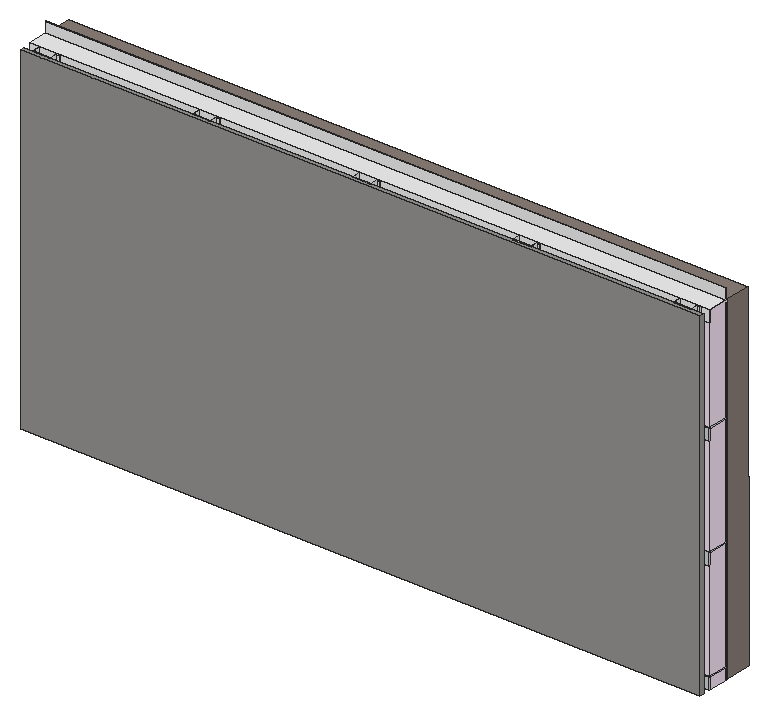
Revit family "Acrytec Panel - Slate", category Generic Models, Revit 2016
Family settings
  Part Type = Normal
  Can host rebar = No
  Round Connector Dimension = Use Diameter
  Work Plane-Based = No
  Always vertical = Yes
  Cut with Voids When Loaded = No
  Shared = No
  Room Calculation Point = No
Parameters (values of type "Acrytec Panel - Slate")
  panelHeight [instance] = 1220 mm
  Uninsulated Panel Type = not(Insulated Panel Type)  # no
  Insulated Panel Type = yes
  Vertical Girt Spacing [instance] = if(and(PanelWidth > 1799 mm, PanelWidth < 2301 mm), 1, (PanelWidth / 2) / 575 mm) + 1  # 3
  Savannah = no
  Sandstone = no
  Pearl Grey = no
  Jade = no
  Coal = no
  Clay = no
  PanelWidth [instance] = 2440 mm
  PanelZGirt [instance] = 75 mm
  PanelThickness [instance] = PanelFinish + PanelZGirt + PanelHatSection  # 115.422 mm
  PanelHatSection [instance] = 25.383 mm
  PanelFinish [instance] = 15.04 mm
  Panel-A-CL-Offset = 382.729 mm
  Buff = no
  Buck Hide = no
  Antique White = yes
  Horizontal Girt Spacing [instance] = panelHeight / 400 mm  # 3
  Horizontal Girt Length [instance] = PanelWidth  # 2440 mm
Reference planes
  plane 1 "Center (Front/Back)": y = 0
  plane 2: z = 0
  plane 3 "Center (Left/Right)": x = 0
  plane 4: y = -75
  plane 5: y = -115.422
  plane 6: z = 1220
  plane 7: y = -100.383
  plane 8: x = -1220
  plane 9: x = 1220
Forms (mm)
  Extrusion 1, solid, material "2016-31-moisture Membrane", visible <- "Insulated Panel Type"
    sketch origin (0, 0, 0) x (1, 0, 0) y (0, 0, 1)
      loop
        line (-1220, 0) -> (1220, 0) -> (1220, 1220) -> (-1220, 1220) -> (-1220, 0)
    from -1 to 0
  Extrusion 2, solid, material "2016-31-Standard Brick", visible <- "Insulated Panel Type"
    sketch origin (0, 0, 0) x (1, 0, 0) y (0, 0, 1)
      loop
        line (-1220, 0) -> (1220, 0) -> (1220, 1220) -> (-1220, 1220) -> (-1220, 0)
    from -100 to -1
  Extrusion 3, solid, material "00 - Slate_Antique White", visible <- "Antique White"
    sketch origin (0, 0, 0) x (1, 0, 0) y (0, 0, 1)
      loop
        line (1220, 0) -> (1220, 1220) -> (-1220, 1220) -> (-1220, 0) -> (1220, 0)
    from 100.383 to 115.422
  Extrusion 4, solid, material "00 - Slate_Buck Hide", visible <- "Buck Hide"
    sketch origin (0, 0, 0) x (1, 0, 0) y (0, 0, 1)
      loop
        line (1220, 0) -> (1220, 1220) -> (-1220, 1220) -> (-1220, 0) -> (1220, 0)
    from 100.383 to 115.422
  Extrusion 5, solid, material "00 - Slate_Buff", visible <- "Buff"
    sketch origin (0, 0, 0) x (1, 0, 0) y (0, 0, 1)
      loop
        line (1220, 0) -> (1220, 1220) -> (-1220, 1220) -> (-1220, 0) -> (1220, 0)
    from 100.383 to 115.422
  Extrusion 6, solid, material "00 - Slate_Clay", visible <- "Clay"
    sketch origin (0, 0, 0) x (1, 0, 0) y (0, 0, 1)
      loop
        line (1220, 0) -> (1220, 1220) -> (-1220, 1220) -> (-1220, 0) -> (1220, 0)
    from 100.383 to 115.422
  Extrusion 7, solid, material "00 - Slate_Coal", visible <- "Coal"
    sketch origin (0, 0, 0) x (1, 0, 0) y (0, 0, 1)
      loop
        line (1220, 0) -> (1220, 1220) -> (-1220, 1220) -> (-1220, 0) -> (1220, 0)
    from 100.383 to 115.422
  Extrusion 8, solid, material "00 - Slate_Jade", not visible
    sketch origin (0, 0, 0) x (1, 0, 0) y (0, 0, 1)
      loop
        line (1220, 0) -> (1220, 1220) -> (-1220, 1220) -> (-1220, 0) -> (1220, 0)
    from 100.383 to 115.422
  Extrusion 9, solid, material "00 - Slate_ Pearl Grey", visible <- "Pearl Grey"
    sketch origin (0, 0, 0) x (1, 0, 0) y (0, 0, 1)
      loop
        line (1220, 0) -> (1220, 1220) -> (-1220, 1220) -> (-1220, 0) -> (1220, 0)
    from 100.383 to 115.422
  Extrusion 10, solid, material "00 - Slate_ Sandstone", visible <- "Sandstone"
    sketch origin (0, 0, 0) x (1, 0, 0) y (0, 0, 1)
      loop
        line (1220, 0) -> (1220, 1220) -> (-1220, 1220) -> (-1220, 0) -> (1220, 0)
    from 100.383 to 115.422
  Extrusion 11, solid, material "00 - Slate_Savannah", visible <- "Savannah"
    sketch origin (0, 0, 0) x (1, 0, 0) y (0, 0, 1)
      loop
        line (1220, 0) -> (1220, 1220) -> (-1220, 1220) -> (-1220, 0) -> (1220, 0)
    from 100.383 to 115.422
  Extrusion 12, solid, material "2016-31-Galvanized-Aluminum 2014-T4", not visible
    sketch origin (0, 0, 0) x (1, 0, 0) y (0, 1, 0)
      loop
        line (-609.6, -75) -> (-609.6, -100.383) -> (-544.314, -100.383) -> (-544.314, -76) -> (-532.497, -76) -> (-532.497, -75) -> (-545.314, -75) -> (-545.314, -99.383) -> (-608.6, -99.383) -> (-608.6, -75) -> (-609.6, -75)
    from 0 to 2438.4
  Extrusion 13, solid, material "2016-31-Galvanized-Aluminum 2014-T4"
    sketch origin (571.049, 0, 0) x (1, 0, 0) y (0, 1, 0)
      loop
        line (-609.6, -75) -> (-609.6, -100.383) -> (-544.314, -100.383) -> (-544.314, -76) -> (-532.497, -76) -> (-532.497, -75) -> (-545.314, -75) -> (-545.314, -99.383) -> (-608.6, -99.383) -> (-608.6, -75) -> (-609.6, -75)
    from 0 to 1220 <- "panelHeight"
  Extrusion 14, solid, material "2016-31-Galvanized-Aluminum 2014-T4"
    sketch origin (1146.049, 0, 0) x (1, 0, 0) y (0, 1, 0)
      loop
        line (-609.6, -75) -> (-609.6, -100.383) -> (-544.314, -100.383) -> (-544.314, -76) -> (-532.497, -76) -> (-532.497, -75) -> (-545.314, -75) -> (-545.314, -99.383) -> (-608.6, -99.383) -> (-608.6, -75) -> (-609.6, -75)
    from 0 to 1220 <- "panelHeight"
  Extrusion 15, solid, material "2016-31-Galvanized-Aluminum 2014-T4"
    sketch origin (-3.951, 0, 0) x (1, 0, 0) y (0, 1, 0)
      loop
        line (-609.6, -75) -> (-609.6, -100.383) -> (-544.314, -100.383) -> (-544.314, -76) -> (-532.497, -76) -> (-532.497, -75) -> (-545.314, -75) -> (-545.314, -99.383) -> (-608.6, -99.383) -> (-608.6, -75) -> (-609.6, -75)
    from 0 to 1220 <- "panelHeight"
  Extrusion 16, solid, material "2016-31-Rigid Insulation", visible <- "Insulated Panel Type"
    sketch origin (47.064, -614.101, 42.626) x (0, 1, 0) y (-1, 0, 0)
      loop
        line (616.26, 1267.064) -> (542.259, 1267.064) -> (542.259, -1172.936) -> (616.26, -1172.936) -> (616.26, 1267.064)
    from -42.626 to 1177.374
  Extrusion 17, solid, material "2016-31-Galvanized-Aluminum 2014-T4", visible <- "Insulated Panel Type"
    sketch origin (-2162.5, 0, 785) x (0, 1, 0) y (0, 0, 1)
      loop
        line (0, 475) -> (-2.875, 475) -> (-2.875, 437.626) -> (-74.375, 437.626) -> (-74.375, 395) -> (-71.842, 395) -> (-71.842, 435) -> (0, 435) -> (0, 475)
    from 3382.5 to 942.5
  Extrusion 18, solid, material "2016-31-Galvanized-Aluminum 2014-T4", visible <- "Uninsulated Panel Type"
    sketch origin (0, 0, 20) x (0, 1, 0) y (0, 0, 1)
      loop
        line (-99.383, 1180) -> (-96.849, 1180) -> (-96.849, 1200) -> (-74.375, 1200) -> (-74.375, 1222.626) -> (-76.975, 1222.626) -> (-76.975, 1202.626) -> (-99.383, 1202.626) -> (-99.383, 1180)
    from -1220 to 1220
  Extrusion 19, solid, material "2016-31-moisture Membrane", visible <- "Uninsulated Panel Type"
    sketch origin (0, -74.375, 0) x (1, 0, 0) y (0, 0, 1)
      loop
        line (-1220, 0) -> (1220, 0) -> (1220, 1220) -> (-1220, 1220) -> (-1220, 0)
    from -1 to 0
  Extrusion 20, solid, material "2016-31-Standard Brick", visible <- "Uninsulated Panel Type"
    sketch origin (0, -74.375, 0) x (1, 0, 0) y (0, 0, 1)
      loop
        line (-1220, 0) -> (1220, 0) -> (1220, 1220) -> (-1220, 1220) -> (-1220, 0)
    from -100 to -1
  Extrusion 21, solid, material "2016-31-Galvanized-Aluminum 2014-T4"
    sketch origin (1721.049, 0, 0) x (1, 0, 0) y (0, 1, 0)
      loop
        line (-609.6, -75) -> (-609.6, -100.383) -> (-544.314, -100.383) -> (-544.314, -76) -> (-532.497, -76) -> (-532.497, -75) -> (-545.314, -75) -> (-545.314, -99.383) -> (-608.6, -99.383) -> (-608.6, -75) -> (-609.6, -75)
    from 0 to 1220 <- "panelHeight"
  Extrusion 22, solid, material "2016-31-Galvanized-Aluminum 2014-T4"
    sketch origin (-578.951, 0, 0) x (1, 0, 0) y (0, 1, 0)
      loop
        line (-609.6, -75) -> (-609.6, -100.383) -> (-544.314, -100.383) -> (-544.314, -76) -> (-532.497, -76) -> (-532.497, -75) -> (-545.314, -75) -> (-545.314, -99.383) -> (-608.6, -99.383) -> (-608.6, -75) -> (-609.6, -75)
    from 0 to 1220 <- "panelHeight"
Dimensions and locks
  "panelHeight": plane 6 to level
  "PanelZGirt": plane 4 to plane 1 "Center (Front/Back)"
  "PanelThickness": plane 5 to plane 1 "Center (Front/Back)"
  "PanelWidth": Extrusion 1 sketch curve to Extrusion 1 sketch curve
  Extrusion 1 sketch curve to Extrusion 1 sketch curve = 1220 mm
  Extrusion 1 sketch curve to Extrusion 1 sketch curve = 2440 mm
  "PanelWidth": Extrusion 2 sketch curve to Extrusion 2 sketch curve
  Extrusion 2 sketch curve to Extrusion 2 sketch curve = 1220 mm
  Extrusion 2 sketch curve to Extrusion 2 sketch curve = 2440 mm
  equal spacing: Extrusion 3 sketch curve, plane 3 "Center (Left/Right)", Extrusion 3 sketch curve
  "panelHeight": Extrusion 3 sketch curve to Extrusion 3 sketch curve
  "PanelWidth": Extrusion 3 sketch curve to Extrusion 3 sketch curve
  equal spacing: Extrusion 4 sketch curve, plane 3 "Center (Left/Right)", Extrusion 4 sketch curve
  "panelHeight": Extrusion 4 sketch curve to Extrusion 4 sketch curve
  "PanelWidth": Extrusion 4 sketch curve to Extrusion 4 sketch curve
  equal spacing: Extrusion 5 sketch curve, plane 3 "Center (Left/Right)", Extrusion 5 sketch curve
  "panelHeight": Extrusion 5 sketch curve to Extrusion 5 sketch curve
  "PanelWidth": Extrusion 5 sketch curve to Extrusion 5 sketch curve
  equal spacing: Extrusion 6 sketch curve, plane 3 "Center (Left/Right)", Extrusion 6 sketch curve
  "panelHeight": Extrusion 6 sketch curve to Extrusion 6 sketch curve
  "PanelWidth": Extrusion 6 sketch curve to Extrusion 6 sketch curve
  equal spacing: Extrusion 7 sketch curve, plane 3 "Center (Left/Right)", Extrusion 7 sketch curve
  "panelHeight": Extrusion 7 sketch curve to Extrusion 7 sketch curve
  "PanelWidth": Extrusion 7 sketch curve to Extrusion 7 sketch curve
  equal spacing: Extrusion 8 sketch curve, plane 3 "Center (Left/Right)", Extrusion 8 sketch curve
  "panelHeight": Extrusion 8 sketch curve to Extrusion 8 sketch curve
  "PanelWidth": Extrusion 8 sketch curve to Extrusion 8 sketch curve
  equal spacing: Extrusion 9 sketch curve, plane 3 "Center (Left/Right)", Extrusion 9 sketch curve
  "panelHeight": Extrusion 9 sketch curve to Extrusion 9 sketch curve
  "PanelWidth": Extrusion 9 sketch curve to Extrusion 9 sketch curve
  equal spacing: Extrusion 10 sketch curve, plane 3 "Center (Left/Right)", Extrusion 10 sketch curve
  "panelHeight": Extrusion 10 sketch curve to Extrusion 10 sketch curve
  "PanelWidth": Extrusion 10 sketch curve to Extrusion 10 sketch curve
  equal spacing: Extrusion 11 sketch curve, plane 3 "Center (Left/Right)", Extrusion 11 sketch curve
  "panelHeight": Extrusion 11 sketch curve to Extrusion 11 sketch curve
  "PanelWidth": Extrusion 11 sketch curve to Extrusion 11 sketch curve
  equal spacing: plane 9, plane 3 "Center (Left/Right)", plane 8
  "PanelWidth": plane 9 to plane 8
  equal spacing: group 2, group 3, group 8  (x3)
  equal spacing: group 9, group 4, group 2
  equal spacing: group 2, group 4, group 9  (x2)
  equal spacing: group 5, group 6, group 7  (x3)
  Extrusion 1 to Extrusion 16 = 1220 mm
  "PanelWidth": Extrusion 19 sketch curve to Extrusion 19 sketch curve
  Extrusion 19 sketch curve to Extrusion 19 sketch curve = 1220 mm
  Extrusion 19 sketch curve to Extrusion 19 sketch curve = 2440 mm
  "PanelWidth": Extrusion 20 sketch curve to Extrusion 20 sketch curve
  Extrusion 20 sketch curve to Extrusion 20 sketch curve = 1220 mm
  Extrusion 20 sketch curve to Extrusion 20 sketch curve = 2440 mm
  aligned and locked: Extrusion 2 to Extrusion 1
  aligned and locked: Extrusion 2 to plane 2
  aligned and locked: Extrusion 1 to plane 2
  aligned and locked: plane 2 to level
  aligned and locked: plane 6 to Extrusion 2
  aligned and locked: plane 6 to Extrusion 1
  aligned and locked: plane 3 "Center (Left/Right)" to nested 1
  aligned and locked: nested 1 to plane 1 "Center (Front/Back)"
  aligned and locked: Extrusion 16 to level
  aligned and locked: Extrusion 20 to Extrusion 19
  aligned and locked: Extrusion 20 to level
  aligned and locked: Extrusion 19 to level
  aligned and locked: plane 9 to Extrusion 18
  aligned and locked: plane 9 to Extrusion 17
  aligned and locked: Extrusion 17 to plane 8
  aligned and locked: Extrusion 18 to plane 8
  aligned and locked: plane 6 to Extrusion 16
  aligned and locked: plane 6 to Extrusion 20
  aligned and locked: Extrusion 16 to Extrusion 1
Automatic sketch dimensions
  Extrusion 12 sketch curve to Extrusion 12 sketch curve = 1 mm  (x4)
  Extrusion 12 sketch curve to Extrusion 12 sketch curve = 63.286 mm
  Extrusion 12 sketch curve to Extrusion 12 sketch curve = 11.817 mm
  Extrusion 12 sketch curve to Extrusion 12 sketch curve = 23.383 mm
  Extrusion 12 sketch curve to Extrusion 12 sketch curve = 24.383 mm
  Extrusion 13 sketch curve to Extrusion 13 sketch curve = 1 mm  (x4)
  Extrusion 13 sketch curve to Extrusion 13 sketch curve = 63.286 mm
  Extrusion 13 sketch curve to Extrusion 13 sketch curve = 11.817 mm
  Extrusion 13 sketch curve to Extrusion 13 sketch curve = 23.383 mm
  Extrusion 13 sketch curve to Extrusion 13 sketch curve = 24.383 mm
  Extrusion 14 sketch curve to Extrusion 14 sketch curve = 1 mm  (x4)
  Extrusion 14 sketch curve to Extrusion 14 sketch curve = 63.286 mm
  Extrusion 14 sketch curve to Extrusion 14 sketch curve = 11.817 mm
  Extrusion 14 sketch curve to Extrusion 14 sketch curve = 23.383 mm
  Extrusion 14 sketch curve to Extrusion 14 sketch curve = 24.383 mm
  Extrusion 15 sketch curve to Extrusion 15 sketch curve = 1 mm  (x4)
  Extrusion 15 sketch curve to Extrusion 15 sketch curve = 63.286 mm
  Extrusion 15 sketch curve to Extrusion 15 sketch curve = 11.817 mm
  Extrusion 15 sketch curve to Extrusion 15 sketch curve = 23.383 mm
  Extrusion 15 sketch curve to Extrusion 15 sketch curve = 24.383 mm
  Extrusion 16 sketch curve to plane 9 = 0 mm
  Extrusion 16 sketch curve to plane 8 = 0 mm
  plane 4 to Extrusion 16 sketch curve = 3.159 mm
  Extrusion 16 sketch curve to plane 1 "Center (Front/Back)" = 2.159 mm
  Extrusion 17 sketch curve to plane 6 = 0 mm
  Extrusion 17 sketch curve to plane 1 "Center (Front/Back)" = 0 mm
  plane 1 "Center (Front/Back)" to Extrusion 17 sketch curve = 2.875 mm
  plane 4 to Extrusion 17 sketch curve = 3.158 mm
  plane 4 to Extrusion 17 sketch curve = 0.625 mm
  Extrusion 17 sketch curve to Extrusion 17 sketch curve = 40 mm
  plane 6 to Extrusion 17 sketch curve = 2.626 mm
  Extrusion 17 sketch curve to Extrusion 17 sketch curve = 37.374 mm
  Extrusion 18 sketch curve to plane 6 = 0 mm
  plane 7 to Extrusion 18 sketch curve = 1 mm
  Extrusion 18 sketch curve to Extrusion 18 sketch curve = 2.534 mm
  Extrusion 18 sketch curve to plane 4 = 1.975 mm
  plane 4 to Extrusion 18 sketch curve = 0.625 mm
  Extrusion 18 sketch curve to plane 6 = 20 mm
  plane 6 to Extrusion 18 sketch curve = 2.626 mm
  Extrusion 18 sketch curve to Extrusion 18 sketch curve = 20 mm
  Extrusion 21 sketch curve to Extrusion 21 sketch curve = 1 mm  (x4)
  Extrusion 21 sketch curve to Extrusion 21 sketch curve = 63.286 mm
  Extrusion 21 sketch curve to Extrusion 21 sketch curve = 11.817 mm
  Extrusion 21 sketch curve to Extrusion 21 sketch curve = 23.383 mm
  Extrusion 21 sketch curve to Extrusion 21 sketch curve = 24.383 mm
  Extrusion 22 sketch curve to Extrusion 22 sketch curve = 1 mm  (x4)
  Extrusion 22 sketch curve to Extrusion 22 sketch curve = 63.286 mm
  Extrusion 22 sketch curve to Extrusion 22 sketch curve = 11.817 mm
  Extrusion 22 sketch curve to Extrusion 22 sketch curve = 23.383 mm
  Extrusion 22 sketch curve to Extrusion 22 sketch curve = 24.383 mm
  Extrusion 1 sketch curve to plane 6 = 0 mm
  Extrusion 1 sketch curve to plane 8 = 0 mm
  Extrusion 2 sketch curve to plane 6 = 0 mm
  Extrusion 2 sketch curve to plane 8 = 0 mm
  Extrusion 3 sketch curve to level = 0 mm
  Extrusion 4 sketch curve to level = 0 mm
  Extrusion 5 sketch curve to level = 0 mm
  Extrusion 6 sketch curve to level = 0 mm
  Extrusion 7 sketch curve to level = 0 mm
  Extrusion 8 sketch curve to level = 0 mm
  Extrusion 9 sketch curve to level = 0 mm
  Extrusion 10 sketch curve to level = 0 mm
  Extrusion 11 sketch curve to level = 0 mm
  Extrusion 19 sketch curve to plane 6 = 0 mm
  Extrusion 19 sketch curve to plane 8 = 0 mm
  Extrusion 20 sketch curve to plane 6 = 0 mm
  Extrusion 20 sketch curve to plane 8 = 0 mm
Nested families
  nested 1: "Horizontal Girt Nested Array" at (0, -37.5, 0), Girt Length <- "PanelWidth", visible <- "Insulated Panel Type", type "Horizontal Girt Nested Array"
    with Girt Length 2440 mm
  nested 2: "Horizontal Girt Nested Array" at (0, -37.5, 400), Girt Length <- "PanelWidth", visible <- "Insulated Panel Type", type "Horizontal Girt Nested Array"
    with Girt Length 2440 mm
  nested 3: "Horizontal Girt Nested Array" at (0, -37.5, 800), Girt Length <- "PanelWidth", visible <- "Insulated Panel Type", type "Horizontal Girt Nested Array"
    with Girt Length 2440 mm
Definition of nested family "Horizontal Girt Nested Array"
  Parameters (values of type "Horizontal Girt Nested Array")
    Girt Length [instance] = 500 mm
  Reference planes
    plane 1 "Center (Front/Back)": y = 0
    plane 2: z = 0
    plane 3 "Center (Left/Right)": x = 0
    plane 4: x = -250
    plane 5: x = 250
    plane 6: z = 3500
  Dimensions and locks
    equal spacing: plane 4, plane 3 "Center (Left/Right)", plane 5
    plane 6 to level = 3500 mm
    "Girt Length": plane 4 to plane 5
    plane 4 to plane 5 = 500 mm
    aligned and locked: level to plane 2
    aligned and locked: plane 4 to nested 1
    aligned and locked: plane 5 to nested 1
  Nested families
    nested 1: "Horizontal Girt" at (0, 0, 0), type "Horizontal Girt"
      with Girt Length 500 mm
  Definition of nested family "Horizontal Girt"
    Parameters (values of type "Horizontal Girt")
      Girt Length [instance] = 4000 mm
    Reference planes
      plane 1 "Center (Front/Back)": y = 0
      plane 2: z = 0
      plane 3 "Center (Left/Right)": x = 0
      plane 4: x = -2000
      plane 5: x = 2000
    Forms (mm)
      Extrusion 1, solid
        sketch origin (0, 0, 0) x (0, 1, 0) y (0, 0, 1)
          loop
            line (-37.5, 43) -> (-37.5, 0) -> (-34.5, 0) -> (-34.5, 40) -> (37.5, 40) -> (37.5, 80) -> (34.5, 80) -> (34.5, 43) -> (-37.5, 43)
        from -2000 to 2000
    Dimensions and locks
      equal spacing: plane 4, plane 3 "Center (Left/Right)", plane 5
      "Girt Length": plane 4 to plane 5
      aligned and locked: level to plane 2
      aligned and locked: Extrusion 1 to plane 4
      aligned and locked: plane 5 to Extrusion 1
    Automatic sketch dimensions
      Extrusion 1 sketch curve to Extrusion 1 sketch curve = 3 mm  (x3)
      Extrusion 1 sketch curve to level = 0 mm
      Extrusion 1 sketch curve to Extrusion 1 sketch curve = 37 mm
      plane 1 "Center (Front/Back)" to Extrusion 1 sketch curve = 37.5 mm
      Extrusion 1 sketch curve to plane 1 "Center (Front/Back)" = 34.5 mm
      level to Extrusion 1 sketch curve = 40 mm
